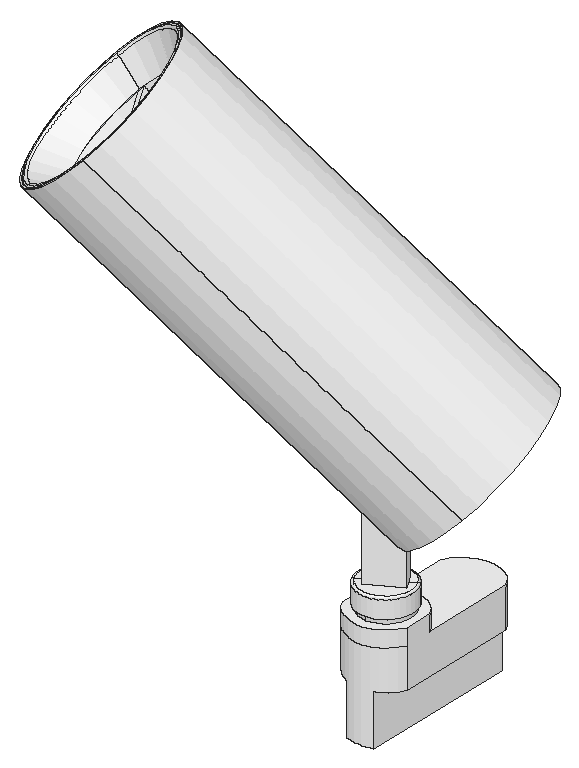
Revit family "0005432 Sylvania Lighting Fixture START Track Spot Integral 940 MB WB WHT", category Lighting Fixtures, host Face, Revit 2017
Family settings
  Host = Face
  Round Connector Dimension = Use Diameter
  Part Type = Normal
  OmniClass Number = 23.80.70.00
  OmniClass Title = Lighting
  Cut with Voids When Loaded = No
  Light Source = No
  Shared = No
  Room Calculation Point = No
Parameters (values of type "0005432 ST TRK SPT INTGRL 5000LM 940 MB WHT")
  Weight = "7.59 kg"
  Wattage Comments = ""
  WarrantyStartDate [instance] = "n/a"
  WarrantyGuarantorParts = "n/a"
  WarrantyDurationUnit = "n/a"
  WarrantyDurationParts = "n/a"
  WarrantyDescription = "n/a"
  Voltage = 230 V
  VerticalRotation_SYL [instance] = 60.00°
  VerticalEndAngle_SYL [instance] = VerticalRotation_SYL - 180.00°  # -120.00°
  URL = "http://www.sylvania-lighting.com"
  TypeName = "START Track Spot Integral 5000lm 940 MB WB WHT"
  TypeHead_SYL = START Track Spot Integral Head : 0005432 ST TRK SPT INTGRL 5000LM 940 MB WHT
  TypeArm_SYL = START Track Spot Integral Arm : START Track Spot Integral WH
  Type Image = <None>
  Type Comments = "n/a"
  SerialNumber [instance] = "n/a"
  Material_3_SYL = none
  PowerFactor = 0
  PowerConsumption = "55 W"
  NominalLength = 0 mm
  NominalHeight = 0 mm
  NominalDepth = 0 mm
  Name = "START Track Spot Integral 5000lm 940 MB WB WHT"
  ModelReference = Name  # "START Track Spot Integral 5000lm 940 MB WB WHT"
  ModelNumber = "0005432"
  Model = Name  # "START Track Spot Integral 5000lm 940 MB WB WHT"
  Material = "n/a"
  ManufacturerName = "Feilo Sylvania"
  Manufacturer = "Feilo Sylvania"
  LuminousEfficacy = "79.41 lm/W"
  LuminaireType = ""
  LightOutputRatio = "n/a"
  LampsType = Lamp  # "LED"
  LampNominalLuminous = "5000 lm"
  LampMacAdamStep = "3"
  LampColourTemperature = "4000"
  LampColourRenderingIndex = "90"
  Lamp = "LED"
  Keynote = "16500"
  InstallationDate [instance] = "n/a"
  InputVoltage = "220-240V~"
  InputNominalFrequency = "50/60 Hz"
  IngressProtection = "IP20"
  ImpactProtectionIndex = "IK03"
  IfcExportType = "IfcLightFixtureType"
  IfcExportAs = "IfcLightFixtureType"
  HorizontalRotation_SYL [instance] = 45.00°
  ExpectedLife = 50000
  ElectricShockClassification = "Class I"
  DurationUnit = "hours"
  DocumentationLiterature = "http://www.sylvania-lighting.com/product/en-int/products/0005432"
  DimmingControlOptions = "Non dimmable"
  Material_2_SYL = Spacer-Sylvania-StartTrackSpot-Aluminium
  Description = ""
  Default Elevation = 1219.2 mm
  CreatedOn = "9/6/2018"
  CreatedBy = ""
  Cost = 0
  built-in parameter 1114216 [instance] = (empty or 0)
  ClassificationValue = "EF_70_80"
  ClassificationName = "Uniclass2015"
  Material_1_SYL = Body-Sylvania-StartTrackSpot-White
  BarCode [instance] = "n/a"
  AssetType = "Fixed"
  AssetIdentifier [instance] = "n/a"
  Assembly Code = "D5020200"
  Apparent Load = 55 VA
  Material_4_SYL = none
Types (2, lengths in mm): name | TypeName | TypeHead_SYL | Name | ModelReference | Model | LuminousEfficacy | LampNominalLuminous
  0005432 ST TRK SPT INTGRL 5000LM 940 MB WHT | "START Track Spot Integral 5000lm 940 MB WB WHT" | START Track Spot Integral Head : 0005432 ST TRK SPT INTGRL 5000LM 940 MB WHT | "START Track Spot Integral 5000lm 940 MB WB WHT" | "START Track Spot Integral 5000lm 940 MB WB WHT" | "START Track Spot Integral 5000lm 940 MB WB WHT" | "79.41 lm/W" | "5000 lm"
  0005432 ST TRK SPT INTGRL 5300LM 940 WB WHT | "START Track Spot Integral 5300lm 940 MB WB WHT" | START Track Spot Integral Head : 0005432 ST TRK SPT INTGRL 5300LM 940 WB WHT | "START Track Spot Integral 5300lm 940 MB WB WHT" | "START Track Spot Integral 5300lm 940 MB WB WHT" | "START Track Spot Integral 5300lm 940 MB WB WHT" | "82.35 lm/W" | "5300 lm"
Reference planes
  plane 1 "Center (Front/Back)": y = 0
  plane 2: z = 0
  plane 3 "Center (Left/Right)": x = 0
  plane 4: x = 16.6
  plane 5: x = -16.6
  plane 6: x = 7
  plane 7: x = -7
  plane 8: x = -12.8
  plane 9: y = 42
  plane 10: y = 42
  plane 11: y = -42
  plane 12: y = 31.4
  plane 13: y = -31.4
  plane 14: z = -26
  plane 15: z = 20.3
  plane 16: z = 28.5
  plane 17: z = 31.2
  plane 18: y = -17.4
  plane 19: y = -6.8
  plane 20: y = -24.4
Forms (mm)
  Extrusion 1, solid, material "Body-Sylvania-StartTrackSpot-White" <- "Material_1_SYL"
    sketch origin (0, 0, 0) x (1, 0, 0) y (0, 1, 0)
      loop
        line (-16.6, 31.4) -> (-16.6, -31.4)
        arc (-16.6, -31.4) -> (0, -42) -> (16.6, -31.4) r 18.298
        line (16.6, -31.4) -> (16.6, 31.4)
        arc (16.6, 31.4) -> (0, 42) -> (-16.6, 31.4) r 18.298
    from -26 to 20.3
  Extrusion 2, void
    sketch origin (0, 0, 0) x (1, 0, 0) y (0, 1, 0)
      loop
        arc (-7, 40.608) -> (-12.666, 36.907) -> (-16.6, 31.4) r 18.298
        line (-16.6, 31.4) -> (-16.6, -31.4)
        arc (-16.6, -31.4) -> (-12.666, -36.907) -> (-7, -40.608) r 18.298
        line (-7, -40.608) -> (-7, 40.608)
      loop
        line (16.6, -31.4) -> (16.6, 31.4)
        arc (16.6, 31.4) -> (12.666, 36.907) -> (7, 40.608) r 18.298
        line (7, 40.608) -> (7, -40.608)
        arc (7, -40.608) -> (12.666, -36.907) -> (16.6, -31.4) r 18.298
    from 0 to -26
  Extrusion 3, solid, material "Body-Sylvania-StartTrackSpot-White" <- "Material_1_SYL"
    sketch origin (1223.4, -4572, 20.3) x (0, -1, 0) y (-1, 0, 0)
      loop
        line (-4540.6, 1240) -> (-4554.6, 1240)
        arc (-4554.6, 1240) -> (-4565.2, 1223.4) -> (-4554.6, 1206.8) r 18.298
        line (-4554.6, 1206.8) -> (-4540.6, 1206.8)
        arc (-4540.6, 1206.8) -> (-4530, 1223.4) -> (-4540.6, 1240) r 18.298
    from -8.2 to 0
  Extrusion 4, solid, material "Spacer-Sylvania-StartTrackSpot-Aluminium" <- "Material_2_SYL"
    sketch origin (1223.4, -4572, 28.5) x (0, -1, 0) y (-1, 0, 0)
      loop
        circle (-4547.6, 1223.4) r 12.7
    from 0 to -2.7
  Revolve 5, solid, not visible
    sketch origin (1524, -24.4, 1219.2) x (1, 0, 0) y (0, 0, 1)
      loop
        line (-1524, -1188) -> (-1524, -1168.735) -> (-1531, -1168.735) -> (-1531, -1188) -> (-1524, -1188)
      axis (-1524, -1168.735) -> (-1524, -1188)
    angle from 60 <- "VerticalRotation_SYL" to -120 <- "VerticalEndAngle_SYL"
Cuts and joins
  Extrusion 2 cuts Extrusion 1
  joined: Extrusion 1, Extrusion 3
Lines and regions (mm)
  reference lines
    curve 1: circle (0, -24.4, 0) r 12.7 normal (0, 0, 1)
    curve 2: arc (-16.6, -31.4, 0) -> (0, -42, 0) -> (16.6, -31.4, 0) r 18.298
    curve 3: arc (-16.6, -17.4, 0) -> (0, -6.8, 0) -> (16.6, -17.4, 0) r 18.298
    curve 4: arc (-16.6, 31.4, 0) -> (0, 42, 0) -> (16.6, 31.4, 0) r 18.298
Dimensions and locks
  plane 6 to plane 3 "Center (Left/Right)" to plane 7 = 7 mm locked, 7 mm locked
  plane 4 to plane 3 "Center (Left/Right)" to plane 5 = 16.6 mm locked, 16.6 mm locked
  locked: plane 3 "Center (Left/Right)" to plane 8 at 12.8
  plane 11 to plane 1 "Center (Front/Back)" to plane 10 = 42 mm locked, 42 mm locked
  plane 13 to plane 1 "Center (Front/Back)" to plane 12 = 31.4 mm locked, 31.4 mm locked
  locked: plane 2 to plane 14 at 26
  locked: plane 15 to plane 2 at 20.3
  plane 17 to plane 16 to plane 15 = 2.7 mm locked, 8.2 mm locked
  locked: plane 13 to plane 18 at 14
  locked: plane 18 to plane 19 at 10.6
  equal spacing: plane 13, plane 20, plane 18
  locked: plane 20 to curve 2 at 0.698
  locked: curve 3 to plane 20 at 0.698
  aligned and locked: plane 2 to host face
  aligned and locked: level to host face
  aligned and locked: plane 3 "Center (Left/Right)" to curve 1
  aligned and locked: plane 20 to curve 1
  aligned and locked: plane 13 to curve 2  (x2)
  aligned and locked: plane 18 to curve 3  (x2)
  aligned and locked: plane 12 to curve 4  (x2)
  aligned and locked: plane 4 to curve 4
  aligned and locked: plane 3 "Center (Left/Right)" to curve 4
  aligned and locked: plane 5 to curve 2
  aligned and locked: plane 5 to curve 3
  aligned and locked: plane 4 to curve 3
  aligned and locked: plane 4 to curve 2
  aligned and locked: plane 12 to Extrusion 1 sketch curve
  aligned and locked: plane 13 to Extrusion 1 sketch curve
  aligned and locked: Extrusion 1 sketch curve to curve 4
  aligned and locked: Extrusion 1 sketch curve to curve 2
  aligned and locked: Extrusion 1 to plane 15
  aligned and locked: plane 14 to Extrusion 1
  aligned and locked: Extrusion 2 sketch curve to Extrusion 1  (x5)
  aligned and locked: Extrusion 2 sketch curve to plane 7
  aligned and locked: plane 14 to Extrusion 2
  aligned and locked: level to Extrusion 2
  aligned and locked: Extrusion 3 sketch curve to cut or joined group of Extrusion 1, Extrusion 2, Extrusion 3  (x2)
  aligned and locked: Extrusion 3 sketch curve to curve 3
  aligned and locked: cut or joined group of Extrusion 1, Extrusion 2, Extrusion 3 to Extrusion 3 sketch curve
  aligned and locked: Extrusion 3 to plane 16
  aligned and locked: plane 15 to Extrusion 3
  aligned and locked: Extrusion 4 sketch curve to curve 1
  aligned and locked: Extrusion 4 to plane 17
  aligned and locked: plane 16 to Extrusion 4
  aligned and locked: Revolve 5 sketch curve to plane 3 "Center (Left/Right)"
  aligned and locked: Extrusion 4 to Revolve 5 sketch curve
  aligned and locked: Revolve 5 sketch curve to Extrusion 4
  aligned and locked: plane 17 to nested 1
Automatic sketch dimensions
  host sketch curve to host sketch curve = 2438.4 mm  (x2)
  plane 12 to curve 4 = 7.698 mm
  plane 12 to Extrusion 2 sketch curve = 0 mm
  Extrusion 2 sketch curve to Extrusion 2 sketch curve = 0 mm  (x2)
  Extrusion 2 sketch curve to plane 6 = 0 mm
  Revolve 5 sketch curve to plane 7 = 0 mm
  Revolve 5 sketch curve to Revolve 5 sketch curve = 19.265 mm
  plane 14 to Revolve 5 sketch curve = 583.6 mm
  Revolve 5 sketch curve to Revolve 5 sketch curve = 2558.594 mm
  radius of curve 1 = 12.7 mm
Nested families
  nested 1: "START Track Spot Integral Arm" at (0, -24.4, 31.2) x (0, 0, -1) z (0.866, 0.5, 0), type <- "TypeArm_SYL", HorizontalRotation_SYL <- "HorizontalRotation_SYL", type "START Track Spot Integral WH"
    with HorizontalRotation_SYL 45.00°, HorizontalEndAngle_SYL -135.00°
  nested 2: "START Track Spot Integral Head" at (22.045, -11.672, 108.656) x (-0.5, 0.866, 0) z (0.6124, 0.3536, -0.7071), type <- "TypeHead_SYL", type "0005432 ST TRK SPT INTGRL 5000LM 940 MB WHT"
    with built-in parameter 1114216 (empty or 0)
Connectors
  electrical at (0, 0, 0), driven by "Apparent Load", driven by "PowerFactor", driven by "Voltage"
    settings: index 1, voltage 230 V, apparent load 55 VA, apparent load phase1 0 VA, apparent load phase2 0 VA, apparent load phase3 0 VA, power factor 0, load classification "Lighting", number of poles 1, system type 30, power factor state 1, is connector primary yes, connector utility no, sub classification motor no, connector description ""
Definition of nested family "START Track Spot Integral Arm"
  Parameters (values of type "START Track Spot Integral WH")
    URL = "http://www.sylvania-lighting.com"
    Type Image = (empty or 0)
    Type Comments = "n/a"
    Material_3_SYL = none
    Model = ""
    Manufacturer = "Feilo Sylvania"
    Keynote = ""
    Material_2_SYL = none
    HorizontalRotation_SYL [instance] = 0.00°
    HorizontalEndAngle_SYL [instance] = HorizontalRotation_SYL - 180.00°  # -180.00°
    Description = ""
    Default Elevation = 1219.2 mm
    Cost = 0
    Material_1_SYL = none
    Assembly Code = ""
    Material_4_SYL = none
  Types (2): name
    START Track Spot Integral WH
    START Track Spot Integral BL
  Reference planes
    plane 1 "Center (Front/Back)": y = 0
    plane 2: z = 0
    plane 3 "Center (Left/Right)": x = 0
    plane 4: x = -10
    plane 5: z = -14
    plane 6: z = -14
    plane 7: z = 14
    plane 8: x = -52
    plane 9: z = 9
    plane 10: z = -9
    plane 11: x = -60
    plane 12: y = 4.5
    plane 13: y = -4.5
    plane 14: x = -9
    plane 15: z = 13
    plane 16: z = 4
    plane 17: z = -4
    plane 18: x = -55
  Forms (mm)
    Extrusion 1, solid
      sketch origin (4.2, 0, 0) x (1, 0, 0) y (0, 1, 0)
        loop
          line (-1219.2, 1219.2) -> (-1219.2, -1219.2) -> (1219.2, -1219.2) -> (1219.2, 1219.2) -> (-1219.2, 1219.2)
      from 0 to -68.017
    Revolve 2, solid, material <- "Material_1_SYL"
      sketch origin (0, 0, 0) x (1, 0, 0) y (0, 0, 1)
        loop
          line (0, 0) -> (0, 14) -> (-9, 14)
          arc (-9, 14) -> (-9.707, 13.707) -> (-10, 13) r 1
          line (-10, 13) -> (-10, 0) -> (0, 0)
        axis (-10, 0) -> (0, 0)
      angle from 360 to 0
    Extrusion 3, solid, material <- "Material_1_SYL"
      sketch origin (0, 0, 0) x (1, 0, 0) y (0, 0, 1)
        loop
          line (-10, 9) -> (-55, 9)
          arc (-55, 9) -> (-58.536, 7.536) -> (-60, 4) r 5
          line (-60, 4) -> (-60, -4)
          arc (-60, -4) -> (-58.536, -7.536) -> (-55, -9) r 5
          line (-55, -9) -> (-10, -9) -> (-10, 9)
      from -4.5 to 4.5
    Revolve 4, solid, not visible
      sketch origin (-52, -4572, 2609.058) x (0, 0, 1) y (0, -1, 0)
        loop
          line (-2609.058, -4553.46) -> (-2609.058, -4590.54) -> (-2605.058, -4590.54) -> (-2605.058, -4553.46) -> (-2609.058, -4553.46)
        axis (-2609.058, -4553.46) -> (-2609.058, -4590.54)
      angle from 0 <- "HorizontalRotation_SYL" to -180 <- "HorizontalEndAngle_SYL"
  Dimensions and locks
    locked: plane 3 "Center (Left/Right)" to plane 4 at 10
    plane 7 to plane 2 to plane 6 = 14 mm locked, 14 mm locked
    locked: plane 4 to plane 8 at 42
    plane 13 to plane 1 "Center (Front/Back)" to plane 12 = 4.5 mm locked, 4.5 mm locked
    locked: plane 14 to plane 4 at 1
    locked: plane 7 to plane 15 at 1
    locked: plane 9 to plane 16 at 5
    locked: plane 17 to plane 10 at 5
    equal spacing: Revolve 4 sketch curve, plane 1 "Center (Front/Back)", Revolve 4 sketch curve
    locked: Revolve 4 sketch curve to plane 1 "Center (Front/Back)" at 18.54
    locked: plane 18 to plane 11 at 5
    locked: plane 4 to plane 11 at 50
    aligned and locked: plane 2 to Extrusion 1
    aligned and locked: level to Extrusion 1
    aligned and locked: level to Revolve 2 sketch curve  (x2)
    aligned and locked: plane 3 "Center (Left/Right)" to Revolve 2 sketch curve
    aligned and locked: Revolve 2 sketch curve to plane 7
    aligned and locked: plane 4 to Revolve 2 sketch curve
    aligned and locked: plane 15 to Revolve 2 sketch curve
    aligned and locked: plane 14 to Revolve 2 sketch curve
    aligned and locked: Revolve 2 sketch curve to plane 2
    aligned and locked: Extrusion 3 sketch curve to plane 9
    aligned and locked: plane 4 to Extrusion 3 sketch curve
    aligned and locked: plane 10 to Extrusion 3 sketch curve
    aligned and locked: Extrusion 3 sketch curve to plane 11
    aligned and locked: plane 13 to Extrusion 3
    aligned and locked: Extrusion 3 to plane 12
    aligned and locked: plane 16 to Extrusion 3 sketch curve
    aligned and locked: plane 17 to Extrusion 3 sketch curve
    aligned and locked: Revolve 4 sketch curve to level
    aligned and locked: Revolve 4 sketch curve to plane 16
    aligned and locked: Revolve 4 sketch curve to plane 2
    aligned and locked: plane 18 to Extrusion 3 sketch curve  (x2)
Definition of nested family "START Track Spot Integral Head"
  Parameters (values of type "0005432 ST TRK SPT INTGRL 5000LM 940 WB WHT")
    WidthCutOut_SYL = 9.5 mm  # constant formula
    Wattage Comments = "n/a"
    Wattage = 55 W
    built-in parameter 1150110 = 1 (stored number, unit not read)
    URL = "http://www.sylvania-lighting.com"
    Type Image = (empty or 0)
    Type Comments = "n/a"
    built-in parameter 1114217 = 1 (stored number, unit not read)
    Tilt Angle = 90.00°
    built-in parameter 1150109 = 1 (stored number, unit not read)
    built-in parameter 1150134 = 12
    built-in parameter 1150113 = 1 (stored number, unit not read)
    S_SYL = no
    RadiusLensOut_SYL = if(S_SYL, 21 mm, if(M_SYL, 30.5 mm, 33 mm))  # 33 mm
    RadiusLensHolder_SYL = 1.8 mm  # constant formula
    RadiusHead_SYL = if(S_SYL, 30 mm, if(M_SYL, 40 mm, 45.5 mm))  # 45.5 mm
    RadiusEmission_SYL = if(S_SYL, 8 mm, if(M_SYL, 16.5 mm, 16.5 mm))  # 16.5 mm
    Photometric Web File = "0005432 WB.ies"
    Material_3_SYL = none
    Model = "ST TRK SPT INTGRL 5000LM 940 WB WHT"
    Manufacturer = "Feilo Sylvania"
    M_SYL = no
    built-in parameter 1150105 = 397.89 (stored number, unit not read)
    Lumens = 5000 lm
    built-in parameter 1150115 = 1 (stored number, unit not read)
    built-in parameter 1150137 = (empty or 0)
    built-in parameter 1150139 = (empty or 0)
    built-in parameter 1150112 = 1 (stored number, unit not read)
    built-in parameter 1150114 = 1 (stored number, unit not read)
    Lamp = "LED"
    Keynote = "16500"
    Material_2_SYL = none
    built-in parameter 1150132 = (empty or 0)
    built-in parameter 1150102 = (empty or 0)
    built-in parameter 1150107 = 4000 (stored number, unit not read)
    built-in parameter 1150138 = (empty or 0)
    built-in parameter 1150106 = 3.9789 (stored number, unit not read)
    Height_SYL = if(S_SYL, 160 mm, if(M_SYL, 200 mm, 215 mm))  # 215 mm
    Emit from Circle Diameter = RadiusLensOut_SYL * 2  # 66 mm
    Emit Shape Visible in Rendering = no
    built-in parameter 1150104 = 8.4457 (stored number, unit not read)
    DistRotateAxisY_SYL = 16.8 mm  # constant formula
    Dimming Lamp Color Temperature Shift = (empty or 0)
    Description = ""
    DepthLens_SYL = 1.25 * (RadiusHead_SYL - 1 mm - RadiusLensOut_SYL)  # 14.375 mm
    DepthEmission_SYL = Height_SYL / 6.4  # 33.594 mm
    DepthCutOut_SYL = WidthCutOut_SYL * 2  # 19 mm
    Default Elevation = 1219.2 mm
    Cost = 0
    Color Filter = 16777215
    built-in parameter 1114216 [instance] = (empty or 0)
    Material_1_SYL = none
    built-in parameter 1114218 = 1 (stored number, unit not read)
    built-in parameter 1150133 = 10 (stored number, unit not read)
    Assembly Code = "D5020200"
    Apparent Load = 55 VA
    Material_4_SYL = none
  Types (24, lengths in mm): name | Wattage | built-in parameter 1150134 | S_SYL | RadiusLensOut_SYL | RadiusHead_SYL | RadiusEmission_SYL | Photometric Web File | Model | M_SYL | built-in parameter 1150105 | Lumens | built-in parameter 1150107 | built-in parameter 1150106 | Height_SYL | Emit from Circle Diameter | built-in parameter 1150104 | DepthLens_SYL | DepthEmission_SYL | Apparent Load
    0005433 ST TRK SPT INTGRL 5000LM 940 WB BLK | 55 W | 12 | no | 33 | 45.5 | 16.5 | "0005433 WB.ies" | "ST TRK SPT INTGRL 5000LM 940 WB BLK" | no | 397.89 (stored number, unit not read) | 5000 lm | 4000 (stored number, unit not read) | 3.9789 (stored number, unit not read) | 215 | 66 | 8.4457 (stored number, unit not read) | 14.375 | 33.594 | 55 VA
    0005433 ST TRK SPT INTGRL 5000LM 940 MB BLK | 55 W | 12 | no | 33 | 45.5 | 16.5 | "0005433 MB.ies" | "ST TRK SPT INTGRL 5000LM 940 MB BLK" | no | 397.89 (stored number, unit not read) | 5000 lm | 4000 (stored number, unit not read) | 3.9789 (stored number, unit not read) | 215 | 66 | 8.4457 (stored number, unit not read) | 14.375 | 33.594 | 55 VA
    0005432 ST TRK SPT INTGRL 5000LM 940 WB WHT | 55 W | 12 | no | 33 | 45.5 | 16.5 | "0005432 WB.ies" | "ST TRK SPT INTGRL 5000LM 940 WB WHT" | no | 397.89 (stored number, unit not read) | 5000 lm | 4000 (stored number, unit not read) | 3.9789 (stored number, unit not read) | 215 | 66 | 8.4457 (stored number, unit not read) | 14.375 | 33.594 | 55 VA
    0005432 ST TRK SPT INTGRL 5000LM 940 MB WHT | 55 W | 12 | no | 33 | 45.5 | 16.5 | "0005432 MB.ies" | "ST TRK SPT INTGRL 5000LM 940 MB WHT" | no | 397.89 (stored number, unit not read) | 5000 lm | 4000 (stored number, unit not read) | 3.9789 (stored number, unit not read) | 215 | 66 | 8.4457 (stored number, unit not read) | 14.375 | 33.594 | 55 VA
    0005431 ST TRK SPT INTGRL 3000LM 940 WB BLK | 33 W | 12 | no | 30.5 | 40 | 16.5 | "0005431 WB.ies" | "ST TRK SPT INTGRL 3000LM 940 WB BLK" | yes | 238.73 (stored number, unit not read) | 3000 lm | 4000 (stored number, unit not read) | 2.3873 (stored number, unit not read) | 200 | 61 | 8.4457 (stored number, unit not read) | 10.625 | 31.25 | 33 VA
    0005431 ST TRK SPT INTGRL 3000LM 940 MB BLK | 33 W | 12 | no | 30.5 | 40 | 16.5 | "0005431 MB.ies" | "ST TRK SPT INTGRL 3000LM 940 MB BLK" | yes | 238.73 (stored number, unit not read) | 3000 lm | 4000 (stored number, unit not read) | 2.3873 (stored number, unit not read) | 200 | 61 | 8.4457 (stored number, unit not read) | 10.625 | 31.25 | 33 VA
    0005430 ST TRK SPT INTGRL 3000LM 940 WB WHT | 33 W | 12 | no | 30.5 | 40 | 16.5 | "0005430 WB.ies" | "ST TRK SPT INTGRL 3000LM 940 WB WHT" | yes | 238.73 (stored number, unit not read) | 3000 lm | 4000 (stored number, unit not read) | 2.3873 (stored number, unit not read) | 200 | 61 | 8.4457 (stored number, unit not read) | 10.625 | 31.25 | 33 VA
    0005430 ST TRK SPT INTGRL 3000LM 940 MB WHT | 33 W | 12 | no | 30.5 | 40 | 16.5 | "0005430 MB.ies" | "ST TRK SPT INTGRL 3000LM 940 MB WHT" | yes | 238.73 (stored number, unit not read) | 3000 lm | 4000 (stored number, unit not read) | 2.3873 (stored number, unit not read) | 200 | 61 | 8.4457 (stored number, unit not read) | 10.625 | 31.25 | 33 VA
    0005429 ST TRK SPT INTGRL 1500LM 940 WB BLK | 17 W | 12 | yes | 21 | 30 | 8 | "0005429 WB.ies" | "ST TRK SPT INTGRL 1500LM 940 WB BLK" | no | 119.37 (stored number, unit not read) | 1500 lm | 4000 (stored number, unit not read) | 1.1937 (stored number, unit not read) | 160 | 42 | 8.1973 (stored number, unit not read) | 10 | 25 | 17 VA
    0005429 ST TRK SPT INTGRL 1500LM 940 MB BLK | 17 W | 12 | yes | 21 | 30 | 8 | "0005429 MB.ies" | "ST TRK SPT INTGRL 1500LM 940 MB BLK" | no | 119.37 (stored number, unit not read) | 1500 lm | 4000 (stored number, unit not read) | 1.1937 (stored number, unit not read) | 160 | 42 | 8.1973 (stored number, unit not read) | 10 | 25 | 17 VA
    0005428 ST TRK SPT INTGRL 1500LM 940 WB WHT | 17 W | 12 | yes | 21 | 30 | 8 | "0005428 WB.ies" | "ST TRK SPT INTGRL 1500LM 940 WB WHT" | no | 119.37 (stored number, unit not read) | 1500 lm | 4000 (stored number, unit not read) | 1.1937 (stored number, unit not read) | 160 | 42 | 8.1973 (stored number, unit not read) | 10 | 25 | 17 VA
    0005428 ST TRK SPT INTGRL 1500LM 940 MB WHT | 17 W | 12 | yes | 21 | 30 | 8 | "0005428 MB.ies" | "ST TRK SPT INTGRL 1500LM 940 MB WHT" | no | 119.37 (stored number, unit not read) | 1500 lm | 4000 (stored number, unit not read) | 1.1937 (stored number, unit not read) | 160 | 42 | 8.1973 (stored number, unit not read) | 10 | 25 | 17 VA
    0005427 ST TRK SPT INTGRL 4500LM 930 WB BLK | 55 W | (empty or 0) | no | 33 | 45.5 | 16.5 | "0005427 WB.ies" | "ST TRK SPT INTGRL 4500LM 930 WB BLK" | no | 358.1 (stored number, unit not read) | 4500 lm | 3000 (stored number, unit not read) | 3.581 (stored number, unit not read) | 215 | 66 | 7.6012 (stored number, unit not read) | 14.375 | 33.594 | 55 VA
    0005427 ST TRK SPT INTGRL 4500LM 930 MB BLK | 55 W | (empty or 0) | no | 33 | 45.5 | 16.5 | "0005427 MB.ies" | "ST TRK SPT INTGRL 4500LM 930 MB BLK" | no | 358.1 (stored number, unit not read) | 4500 lm | 3000 (stored number, unit not read) | 3.581 (stored number, unit not read) | 215 | 66 | 7.6012 (stored number, unit not read) | 14.375 | 33.594 | 55 VA
    0005426 ST TRK SPT INTGRL 4500LM 930 WB WHT | 55 W | (empty or 0) | no | 33 | 45.5 | 16.5 | "0005426 WB.ies" | "ST TRK SPT INTGRL 4500LM 930 WB WHT" | no | 358.1 (stored number, unit not read) | 4500 lm | 3000 (stored number, unit not read) | 3.581 (stored number, unit not read) | 215 | 66 | 7.6012 (stored number, unit not read) | 14.375 | 33.594 | 55 VA
    0005426 ST TRK SPT INTGRL 4500LM 930 MB WHT | 55 W | (empty or 0) | no | 33 | 45.5 | 16.5 | "0005426 MB.ies" | "ST TRK SPT INTGRL 4500LM 930 MB WHT" | no | 358.1 (stored number, unit not read) | 4500 lm | 3000 (stored number, unit not read) | 3.581 (stored number, unit not read) | 215 | 66 | 7.6012 (stored number, unit not read) | 14.375 | 33.594 | 55 VA
    0005425 ST TRK SPT INTGRL 2700LM 930 WB BLK | 33 W | (empty or 0) | no | 30.5 | 40 | 16.5 | "0005425 WB.ies" | "ST TRK SPT INTGRL 2700LM 930 WB BLK" | yes | 214.86 (stored number, unit not read) | 2700 lm | 3000 (stored number, unit not read) | 2.1486 (stored number, unit not read) | 200 | 61 | 7.6012 (stored number, unit not read) | 10.625 | 31.25 | 33 VA
    0005425 ST TRK SPT INTGRL 2700LM 930 MB BLK | 33 W | (empty or 0) | no | 30.5 | 40 | 16.5 | "0005425 MB.ies" | "ST TRK SPT INTGRL 2700LM 930 MB BLK" | yes | 214.86 (stored number, unit not read) | 2700 lm | 3000 (stored number, unit not read) | 2.1486 (stored number, unit not read) | 200 | 61 | 7.6012 (stored number, unit not read) | 10.625 | 31.25 | 33 VA
    0005424 ST TRK SPT INTGRL 2700LM 930 WB WHT | 33 W | (empty or 0) | no | 30.5 | 40 | 16.5 | "0005424 WB.ies" | "ST TRK SPT INTGRL 2700LM 930 WB WHT" | yes | 214.86 (stored number, unit not read) | 2700 lm | 3000 (stored number, unit not read) | 2.1486 (stored number, unit not read) | 200 | 61 | 7.6012 (stored number, unit not read) | 10.625 | 31.25 | 33 VA
    0005424 ST TRK SPT INTGRL 2700LM 930 MB WHT | 33 W | (empty or 0) | no | 30.5 | 40 | 16.5 | "0005424 MB.ies" | "ST TRK SPT INTGRL 2700LM 930 MB WHT" | yes | 214.86 (stored number, unit not read) | 2700 lm | 3000 (stored number, unit not read) | 2.1486 (stored number, unit not read) | 200 | 61 | 7.6012 (stored number, unit not read) | 10.625 | 31.25 | 33 VA
    0005423 ST TRK SPT INTGRL 1360LM 930 WB BLK | 17 W | (empty or 0) | yes | 21 | 30 | 8 | "0005423 WB.ies" | "ST TRK SPT INTGRL 1360LM 930 WB BLK" | no | 108.23 (stored number, unit not read) | 1360 lm | 3000 (stored number, unit not read) | 1.0823 (stored number, unit not read) | 160 | 42 | 7.4322 (stored number, unit not read) | 10 | 25 | 17 VA
    0005423 ST TRK SPT INTGRL 1360LM 930 MB BLK | 17 W | (empty or 0) | yes | 21 | 30 | 8 | "0005423 MB.ies" | "ST TRK SPT INTGRL 1360LM 930 MB BLK" | no | 108.23 (stored number, unit not read) | 1360 lm | 3000 (stored number, unit not read) | 1.0823 (stored number, unit not read) | 160 | 42 | 7.4322 (stored number, unit not read) | 10 | 25 | 17 VA
    0005422 ST TRK SPT INTGRL 1360LM 930 WB WHT | 17 W | (empty or 0) | yes | 21 | 30 | 8 | "0005422 WB.ies" | "ST TRK SPT INTGRL 1360LM 930 WB WHT" | no | 108.23 (stored number, unit not read) | 1360 lm | 3000 (stored number, unit not read) | 1.0823 (stored number, unit not read) | 160 | 42 | 7.4322 (stored number, unit not read) | 10 | 25 | 17 VA
    0005422 ST TRK SPT INTGRL 1360LM 930 MB WHT | 17 W | (empty or 0) | yes | 21 | 30 | 8 | "0005422 MB.ies" | "ST TRK SPT INTGRL 1360LM 930 MB WHT" | no | 108.23 (stored number, unit not read) | 1360 lm | 3000 (stored number, unit not read) | 1.0823 (stored number, unit not read) | 160 | 42 | 7.4322 (stored number, unit not read) | 10 | 25 | 17 VA
  Reference planes
    plane 1 "Center (Front/Back)": y = 0
    plane 2: z = 0
    plane 3 "Center (Left/Right)": x = 0
    plane 4: x = 45.5
    plane 5: z = 16.8
    plane 6: z = -198.2
    plane 7: x = 44.5
    plane 8: x = 33
    plane 9: x = 16.5
    plane 10: z = -183.825
    plane 11: z = -164.606
    plane 12: z = -11.2
    plane 13: x = 43.5
    plane 14: x = 38.25
    plane 15: z = -181.825
    plane 16: z = -162.606
    plane 17: z = -1
    plane 18: x = 4.75
    plane 19: x = -4.75
    plane 20: y = -45.5
    plane 21: y = -26.5
    plane 22: x = 42.5
    plane 23: y = -36
  Forms (mm)
    Extrusion 1, solid
      sketch origin (4.2, 0, 0) x (1, 0, 0) y (0, 1, 0)
        loop
          line (-1219.2, 1219.2) -> (-1219.2, -1219.2) -> (1219.2, -1219.2) -> (1219.2, 1219.2) -> (-1219.2, 1219.2)
      from 0 to -68.017
    Revolve 2, solid, material <- "Material_1_SYL"
      sketch origin (0, 0, 0) x (1, 0, 0) y (0, 0, 1)
        loop
          line (45.5, -198.2) -> (45.5, 16.8) -> (44.5, 16.8) -> (44.5, -198.2) -> (45.5, -198.2)
        axis (0, 16.8) -> (0, -198.2)
      angle from 360 to 0
    Revolve 3, solid, material <- "Material_1_SYL"
      sketch origin (0, 0, 0) x (1, 0, 0) y (0, 0, 1)
        loop
          line (44.5, 16.8) -> (43.5, 16.8)
          arc (43.5, 16.8) -> (38.25, 15.673) -> (33, 16.8) r 12.796
          line (33, 16.8) -> (0, 16.8) -> (0, -11.2) -> (44.5, -11.2) -> (44.5, 16.8)
        axis (0, 16.8) -> (0, -11.2)
      angle from 360 to 0
    Revolve 4, solid, material <- "Material_2_SYL"
      sketch origin (0, 0, 0) x (1, 0, 0) y (0, 0, 1)
        loop
          line (44.5, -181.825) -> (0, -181.825) -> (0, -183.825) -> (44.5, -183.825) -> (44.5, -181.825)
        axis (0, -181.825) -> (0, -183.825)
      angle from 360 to 0
    Revolve 5, solid
      sketch origin (0, 0, 0) x (1, 0, 0) y (0, 0, 1)
        loop
          line (0, -164.606) -> (16.5, -164.606)
          arc (16.5, -164.606) -> (30.37, -169.432) -> (38.25, -181.825) r 22.346
          line (38.25, -181.825) -> (44.5, -181.825) -> (44.5, -162.606) -> (0, -162.606) -> (0, -164.606)
        axis (0, -162.606) -> (0, -181.825)
      angle from 360 to 0
    Extrusion 6, void
      sketch origin (1524, -45.5, 1219.2) x (-1, 0, 0) y (0, 0, 1)
        loop
          line (1528.75, -1230.4) -> (1528.75, -1202.4) -> (1519.25, -1202.4) -> (1519.25, -1230.4) -> (1528.75, -1230.4)
      from 0 to 19
    Revolve 7, solid, material <- "Material_1_SYL"
      sketch origin (0, 0, 0) x (1, 0, 0) y (0, 0, 1)
        loop
          line (33, -183.825) -> (42.006, -197.453)
          arc (42.006, -197.453) -> (42.534, -197.999) -> (43.267, -198.2) r 1.437
          line (43.267, -198.2) -> (44.5, -198.2) -> (44.5, -183.825) -> (33, -183.825)
        axis (0, -183.825) -> (0, -198.2)
      angle from 360 to 0
  Cuts and joins
    Extrusion 6 cuts Revolve 3
    Extrusion 6 cuts Revolve 2
  Lines and regions (mm)
    reference lines
      curve 1: arc (33, 0, 16.8) -> (38.25, 0, 15.673) -> (43.5, 0, 16.8) r 12.796
      curve 2: line (33, 0, -183.825) -> (42.5, 0, -198.2)
  Dimensions and locks
    "RadiusHead_SYL": plane 4 to plane 3 "Center (Left/Right)"
    "DistRotateAxisY_SYL": plane 5 to plane 2
    "Height_SYL": plane 5 to plane 6
    locked: plane 4 to plane 7 at 1
    "RadiusLensOut_SYL": plane 8 to plane 3 "Center (Left/Right)"
    "RadiusEmission_SYL": plane 9 to plane 3 "Center (Left/Right)"
    "DepthLens_SYL": plane 10 to plane 6
    "DepthEmission_SYL": plane 11 to plane 6
    locked: plane 5 to plane 12 at 28
    locked: plane 4 to plane 13 at 2
    equal spacing: plane 13, plane 14, plane 8
    locked: plane 5 to curve 1 at 1.127
    locked: plane 15 to plane 10 at 2
    locked: plane 16 to plane 11 at 2
    locked: plane 2 to plane 17 at 1
    equal spacing: plane 18, plane 3 "Center (Left/Right)", plane 19
    "WidthCutOut_SYL": plane 18 to plane 19
    "RadiusHead_SYL": plane 20 to plane 1 "Center (Front/Back)"
    "DepthCutOut_SYL": plane 20 to plane 21
    locked: plane 4 to plane 22 at 3
    equal spacing: plane 20, plane 23, plane 21
    aligned and locked: plane 2 to Extrusion 1
    aligned and locked: level to Extrusion 1
    aligned and locked: plane 8 to curve 1
    aligned and locked: plane 13 to curve 1
    aligned and locked: plane 14 to curve 1
    aligned and locked: plane 5 to curve 1
    aligned and locked: Revolve 2 sketch curve to plane 3 "Center (Left/Right)"
    aligned and locked: Revolve 2 sketch curve to plane 6
    aligned and locked: Revolve 2 sketch curve to plane 4
    aligned and locked: plane 5 to Revolve 2 sketch curve
    aligned and locked: plane 7 to Revolve 2 sketch curve
    aligned and locked: Revolve 3 sketch curve to plane 3 "Center (Left/Right)"
    aligned and locked: Revolve 3 sketch curve to Revolve 2  (x3)
    aligned and locked: Revolve 3 sketch curve to plane 12
    aligned and locked: plane 3 "Center (Left/Right)" to Revolve 3 sketch curve
    aligned and locked: Revolve 3 sketch curve to curve 1
    aligned and locked: plane 5 to Revolve 3 sketch curve
    aligned and locked: Revolve 4 sketch curve to plane 3 "Center (Left/Right)"  (x2)
    aligned and locked: Revolve 4 sketch curve to plane 15
    aligned and locked: plane 7 to Revolve 4 sketch curve
    aligned and locked: Revolve 5 sketch curve to plane 3 "Center (Left/Right)"  (x2)
    aligned and locked: plane 3 "Center (Left/Right)" to Revolve 5 sketch curve
    aligned and locked: plane 9 to Revolve 5 sketch curve
    aligned and locked: plane 11 to Revolve 5 sketch curve
    aligned and locked: plane 14 to Revolve 5 sketch curve
    aligned and locked: plane 15 to Revolve 5 sketch curve
    aligned and locked: plane 12 to Extrusion 6 sketch curve
    aligned and locked: Extrusion 6 sketch curve to plane 19
    aligned and locked: Extrusion 6 sketch curve to plane 5
    aligned and locked: plane 18 to Extrusion 6 sketch curve
    aligned and locked: Extrusion 6 to plane 21
    aligned and locked: plane 20 to Extrusion 6
    aligned and locked: plane 10 to curve 2
    aligned and locked: plane 22 to curve 2
    aligned and locked: Revolve 7 sketch curve to plane 3 "Center (Left/Right)"
    aligned and locked: plane 10 to Revolve 7 sketch curve
    aligned and locked: Revolve 7 sketch curve to Revolve 4
    aligned and locked: Revolve 7 sketch curve to curve 2
    aligned and locked: plane 3 "Center (Left/Right)" to imposter light
    aligned and locked: imposter light to plane 1 "Center (Front/Back)"
    aligned and locked: imposter light to plane 10
  Automatic sketch dimensions
    Extrusion 1 sketch curve to Extrusion 1 sketch curve = 2438.4 mm  (x2)
    plane 6 to Revolve 2 sketch curve = 487.1 mm
    Revolve 2 sketch curve to plane 5 = 2571.558 mm
    plane 6 to Revolve 3 sketch curve = 487.1 mm
    Revolve 3 sketch curve to Revolve 3 sketch curve = 2566.685 mm
    plane 6 to Revolve 4 sketch curve = 487.1 mm
    Revolve 4 sketch curve to plane 5 = 2571.558 mm
    Revolve 5 sketch curve to plane 11 = 2 mm
    plane 6 to Revolve 5 sketch curve = 487.1 mm
    Revolve 5 sketch curve to plane 5 = 2571.558 mm
    Revolve 5 sketch curve to plane 7 = 0 mm
    Revolve 4 sketch curve to plane 10 = 0 mm
    curve 2 to plane 8 = 0 mm
    curve 1 to plane 14 = 0 mm
    curve 2 to plane 6 = 0 mm
    curve 1 to plane 13 = 0 mm
    Revolve 7 sketch curve to plane 6 = 0 mm
    Revolve 7 sketch curve to plane 22 = 0.494 mm
    Revolve 7 sketch curve to plane 13 = 0.233 mm
    plane 6 to Revolve 7 sketch curve = 474.6 mm
    Revolve 7 sketch curve to plane 5 = 2584.058 mm
